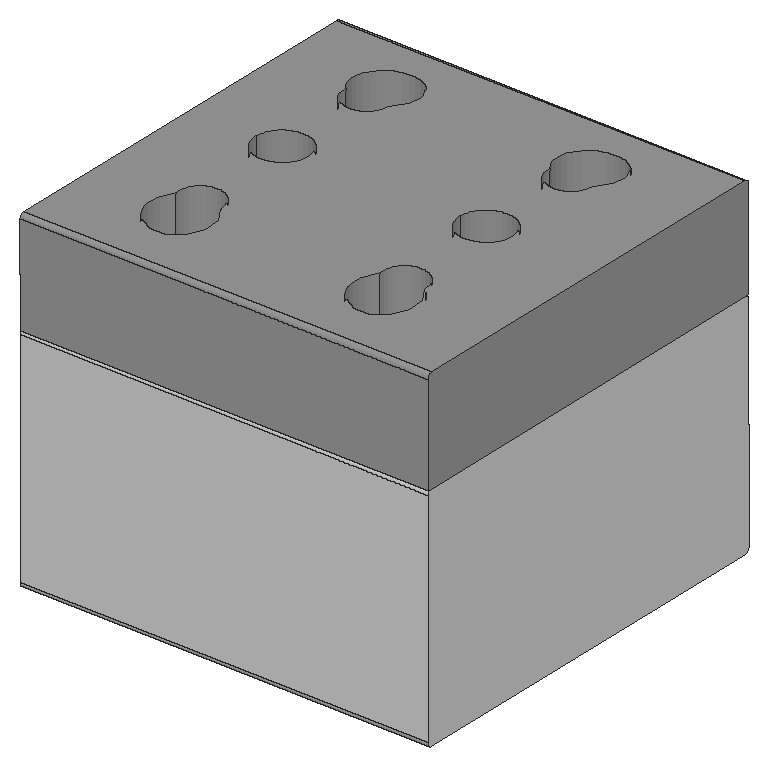
Revit family "Domotics-DomesticRanges-GEWISS-SYSTEM_POWER-SOCKET-OUTLET_ITA_2xP11P17_16A", category Apparecchi elettrici, host Superficie, Revit 2016
Family settings
  Host = Superficie
  Mantenere orientamento annotazione = Sì
  Tipo di parte = Normale
  Quota connettore circolare = Usa diametro
  Numero OmniClass = 23.80.50.14
  Titolo OmniClass = Plug Connectors
  Taglio con vuoti quando caricato = No
  Condiviso = Sì
  Punto di calcolo locali = Sì
Parameters (values of type "GW21291 - 2P+E 16A ital.std double s.-outlet black")
  Voltage: = "250 V ac"
  Voltage = "250 V ac"
  Volt = 230 V
  Vista di pianta [instance] = yes
  Version file RFA = "19.4"
  URL = "https://www.gewiss.com/ww/en"
  Type = "P17-11"
  Tipo_ = SYSTEM-PRESA-ITA-P11-17X2-16A_BASE : GW21291 - Nero - Presa multipla std italiano
  Technical sheet = "https://www.gewiss.com/ww/en/search?q=GW21291"
  Standard: = "English"
  Standard = "English"
  Simbolo_ = SIMBOLO PRESE DOPPIE : PRESA DOPPIA
  SIMBOLO [instance] = yes
  SEO = "Socket outlet"
  Realized by GEWISS S.p.A. = ""
  Produttore = "GEWISS S.p.A."
  Offset pulsante [instance] = 0 mm
  Offset bidimensionale [instance] = 2 mm
  No. SYSTEM modules = "2"
  N. poli = 2
  Modello = "GW21291"
  Larghezza presa = 46 mm
  Input = "1x16 A"
  IFC.TypeObject = ""
  IFC.ExportType = ""
  IFC.ExportAs = ""
  IDT = "d63e0260-b3b3-4258-9e79-1905bcf6cbcd"
  IDF = "791b834f-78d6-424e-986f-d4341bfbd1d3"
  For plug pins = "Ø 4 / 5 mm"
  Electrocod = "0131"
  EAN code = "8011564128439"
  Distanza_x [instance] = 0 mm
  Distanza_effettiva_x [instance] = 1500 mm - Distanza_x  # 1500 mm
  Default Elevation = 1219.2 mm
  Immagine tipo = GW20291.jpg
  Descrizione = "2P+E 16A ITAL.STD DOUBLE S.-OUTLET SY/BK"
  Description: = "2x2P+E 16A Dual amp."
  Description. = "Double socket-outlet"
  Colour = "Black"
  Catalogue Range = "SYSTEM - DOMESTIC RANGE"
  Catalogue = "DOMOTICS"
  Carico apparente = 0 VA
  COBie.Tagnumber = ""
  COBie.CreatedOn = ""
  COBie.CreatebBy = ""
  COBie.ComponentRegisterItemID = ""
  COBie.Component.TagNumber = ""
  COBie.Component.Space = ""
  COBie.Component.SerialNumber = ""
  COBie.Component.InstallationDate = ""
  COBie.Component.Description = ""
  COBie.Component.BarCode = ""
Types (2, lengths in mm): name | Tipo_ | Technical sheet | Modello | IDT | EAN code | Descrizione | Colour
  GW21291 - 2P+E 16A ital.std double s.-outlet black | SYSTEM-PRESA-ITA-P11-17X2-16A_BASE : GW21291 - Nero - Presa multipla std italiano | "https://www.gewiss.com/ww/en/search?q=GW21291" | "GW21291" | "d63e0260-b3b3-4258-9e79-1905bcf6cbcd" | "8011564128439" | "2P+E 16A ITAL.STD DOUBLE S.-OUTLET SY/BK" | "Black"
  GW20291 - 2P+E 16A ital.std double s.-outlet white | SYSTEM-PRESA-ITA-P11-17X2-16A_BASE : GW20291 - Bianco - Presa multipla std italiano | "https://www.gewiss.com/ww/en/search?q=GW20291" | "GW20291" | "6d6e4c30-7e40-4135-a54a-ff429da7134f" | "8011564054721" | "2P+E 16A ITAL.STD DOUBLE S.-OUTLET SY/WT" | "White"
Reference planes
  plane 1 "Centro (Fronte/Retro)": y = 0
  plane 2: z = 0
  plane 3 "Centro (Sinistra/Destra)": x = 0
  plane 4: z = 0
  plane 5 "piano bidimensionale": z = 41
  plane 6: x = -23
  plane 7: x = 23
  plane 8: z = 39
  plane 9: x = -1500
  plane 10: x = 0
Lines and regions (mm)
  Masking region 1, visible <- "Vista di pianta"
    outline origin (0, 0, 0) x (1, 0, 0) y (0, 0, 1)
      loop
        line (-23, 39) -> (-23, 0) -> (23, 0) -> (23, 39) -> (-23, 39)
  Masking region 2, visible <- "Vista di pianta"
    outline origin (0, 0, 0) x (1, 0, 0) y (0, 1, 0)
      loop
        line (-23, 22.5) -> (-23, -22.5) -> (23, -22.5) -> (23, 22.5) -> (-23, 22.5)
      loop
        circle (-11.5, 0) r 2.942
      loop
        circle (11.5, 0) r 2.942
      loop
        spline (9.091, 11.996) -> (9.111, 11.312) -> (9.316, 10.658) -> (9.692, 10.086) -> (10.209, 9.636) -> (10.829, 9.344) -> (11.505, 9.231) -> (12.186, 9.305) -> (12.822, 9.562) -> (13.364, 9.981) -> (13.771, 10.532) -> (14.014, 11.172) -> (14.073, 11.854)
        spline (14.073, 11.854) -> (14.877, 12.977) -> (15.189, 14.323) -> (14.961, 15.685) -> (14.228, 16.855) -> (13.101, 17.656) -> (11.754, 17.964) -> (10.391, 17.733) -> (9.22, 16.998) -> (8.422, 15.871) -> (8.116, 14.524) -> (8.351, 13.163) -> (9.091, 11.996)
      loop
        spline (-13.909, 11.996) -> (-13.889, 11.312) -> (-13.684, 10.658) -> (-13.308, 10.086) -> (-12.791, 9.636) -> (-12.171, 9.344) -> (-11.495, 9.231) -> (-10.814, 9.305) -> (-10.178, 9.562) -> (-9.636, 9.981) -> (-9.229, 10.532) -> (-8.986, 11.172) -> (-8.927, 11.854)
        spline (-8.927, 11.854) -> (-8.123, 12.977) -> (-7.811, 14.323) -> (-8.039, 15.685) -> (-8.772, 16.855) -> (-9.899, 17.656) -> (-11.246, 17.964) -> (-12.609, 17.733) -> (-13.78, 16.998) -> (-14.578, 15.871) -> (-14.884, 14.524) -> (-14.649, 13.163) -> (-13.909, 11.996)
      loop
        spline (9.091, -11.996) -> (8.351, -13.163) -> (8.116, -14.524) -> (8.422, -15.871) -> (9.22, -16.998) -> (10.391, -17.733) -> (11.754, -17.964) -> (13.101, -17.656) -> (14.228, -16.856) -> (14.961, -15.685) -> (15.189, -14.323) -> (14.877, -12.977) -> (14.073, -11.854)
        spline (14.073, -11.854) -> (14.014, -11.172) -> (13.771, -10.532) -> (13.364, -9.981) -> (12.822, -9.562) -> (12.186, -9.305) -> (11.505, -9.231) -> (10.829, -9.344) -> (10.209, -9.636) -> (9.692, -10.086) -> (9.316, -10.658) -> (9.111, -11.312) -> (9.091, -11.996)
      loop
        spline (-13.909, -11.996) -> (-14.649, -13.163) -> (-14.884, -14.524) -> (-14.578, -15.871) -> (-13.78, -16.998) -> (-12.609, -17.733) -> (-11.246, -17.964) -> (-9.899, -17.656) -> (-8.772, -16.856) -> (-8.039, -15.685) -> (-7.811, -14.323) -> (-8.123, -12.977) -> (-8.927, -11.854)
        spline (-8.927, -11.854) -> (-8.986, -11.172) -> (-9.229, -10.532) -> (-9.636, -9.981) -> (-10.178, -9.562) -> (-10.814, -9.305) -> (-11.495, -9.231) -> (-12.171, -9.344) -> (-12.791, -9.636) -> (-13.308, -10.086) -> (-13.684, -10.658) -> (-13.889, -11.312) -> (-13.909, -11.996)
  Masking region 3, visible <- "Vista di pianta"
    outline origin (0, 0, 0) x (0, 1, 0) y (0, 0, 1)
      loop
        line (-22.5, 36.414) -> (-22.5, 0) -> (22.5, 0) -> (22.5, 36.414) -> (-22.5, 36.414)
  model lines, style "pulsanti", detail levels coarse
    curve 1: line (-23, 22.5, 41) -> (23, 22.5, 41)
    curve 2: line (-23, -22.5, 41) -> (-23, 22.5, 41)
    curve 3: line (23, -22.5, 41) -> (-23, -22.5, 41)
    curve 4: line (23, 22.5, 41) -> (23, -22.5, 41)
    curve 9: spline (-8.927, 11.854, 41) -> (-8.986, 11.172, 41) -> (-9.229, 10.532, 41) -> (-9.636, 9.981, 41) -> (-10.178, 9.562, 41) -> (-10.814, 9.305, 41) -> (-11.495, 9.231, 41) -> (-12.171, 9.344, 41) -> (-12.791, 9.636, 41) -> (-13.308, 10.086, 41) -> (-13.684, 10.658, 41) -> (-13.889, 11.312, 41) -> (-13.909, 11.996, 41)
    curve 10: spline (-13.909, 11.996, 41) -> (-14.649, 13.163, 41) -> (-14.884, 14.524, 41) -> (-14.578, 15.871, 41) -> (-13.78, 16.998, 41) -> (-12.609, 17.733, 41) -> (-11.246, 17.964, 41) -> (-9.899, 17.656, 41) -> (-8.772, 16.855, 41) -> (-8.039, 15.685, 41) -> (-7.811, 14.323, 41) -> (-8.123, 12.977, 41) -> (-8.927, 11.854, 41)
    curve 11: arc (-8.558, 0, 41) -> (-11.5, -2.942, 41) -> (-14.442, 0, 41) r 2.942
    curve 12: arc (-14.442, 0, 41) -> (-11.5, 2.942, 41) -> (-8.558, 0, 41) r 2.942
    curve 13: spline (-13.909, -11.996, 41) -> (-13.889, -11.312, 41) -> (-13.684, -10.658, 41) -> (-13.308, -10.086, 41) -> (-12.791, -9.636, 41) -> (-12.171, -9.344, 41) -> (-11.495, -9.231, 41) -> (-10.814, -9.305, 41) -> (-10.178, -9.562, 41) -> (-9.636, -9.981, 41) -> (-9.229, -10.532, 41) -> (-8.986, -11.172, 41) -> (-8.927, -11.854, 41)
    curve 14: spline (-8.927, -11.854, 41) -> (-8.123, -12.977, 41) -> (-7.811, -14.323, 41) -> (-8.039, -15.685, 41) -> (-8.772, -16.856, 41) -> (-9.899, -17.656, 41) -> (-11.246, -17.964, 41) -> (-12.609, -17.733, 41) -> (-13.78, -16.998, 41) -> (-14.578, -15.871, 41) -> (-14.884, -14.524, 41) -> (-14.649, -13.163, 41) -> (-13.909, -11.996, 41)
    curve 15: spline (14.073, -11.854, 41) -> (14.877, -12.977, 41) -> (15.189, -14.323, 41) -> (14.961, -15.685, 41) -> (14.228, -16.856, 41) -> (13.101, -17.656, 41) -> (11.754, -17.964, 41) -> (10.391, -17.733, 41) -> (9.22, -16.998, 41) -> (8.422, -15.871, 41) -> (8.116, -14.524, 41) -> (8.351, -13.163, 41) -> (9.091, -11.996, 41)
    curve 16: spline (9.091, -11.996, 41) -> (9.111, -11.312, 41) -> (9.316, -10.658, 41) -> (9.692, -10.086, 41) -> (10.209, -9.636, 41) -> (10.829, -9.344, 41) -> (11.505, -9.231, 41) -> (12.186, -9.305, 41) -> (12.822, -9.562, 41) -> (13.364, -9.981, 41) -> (13.771, -10.532, 41) -> (14.014, -11.172, 41) -> (14.073, -11.854, 41)
    curve 17: arc (8.558, 0, 41) -> (11.5, -2.942, 41) -> (14.442, 0, 41) r 2.942
    curve 18: arc (14.442, 0, 41) -> (11.5, 2.942, 41) -> (8.558, 0, 41) r 2.942
    curve 19: spline (14.073, 11.854, 41) -> (14.014, 11.172, 41) -> (13.771, 10.532, 41) -> (13.364, 9.981, 41) -> (12.822, 9.562, 41) -> (12.186, 9.305, 41) -> (11.505, 9.231, 41) -> (10.829, 9.344, 41) -> (10.209, 9.636, 41) -> (9.692, 10.086, 41) -> (9.316, 10.658, 41) -> (9.111, 11.312, 41) -> (9.091, 11.996, 41)
    curve 20: spline (9.091, 11.996, 41) -> (8.351, 13.163, 41) -> (8.116, 14.524, 41) -> (8.422, 15.871, 41) -> (9.22, 16.998, 41) -> (10.391, 17.733, 41) -> (11.754, 17.964, 41) -> (13.101, 17.656, 41) -> (14.228, 16.855, 41) -> (14.961, 15.685, 41) -> (15.189, 14.323, 41) -> (14.877, 12.977, 41) -> (14.073, 11.854, 41)
  model lines, style "pulsanti", not visible, detail levels coarse
    curve 5: line (-23, 22.5, 41) -> (23, 22.5, 41)
    curve 6: line (-23, -22.5, 41) -> (-23, 22.5, 41)
    curve 7: line (23, -22.5, 41) -> (-23, -22.5, 41)
    curve 8: line (23, 22.5, 41) -> (23, -22.5, 41)
    curve 21: spline (-8.927, 11.854, 41) -> (-8.986, 11.172, 41) -> (-9.229, 10.532, 41) -> (-9.636, 9.981, 41) -> (-10.178, 9.562, 41) -> (-10.814, 9.305, 41) -> (-11.495, 9.231, 41) -> (-12.171, 9.344, 41) -> (-12.791, 9.636, 41) -> (-13.308, 10.086, 41) -> (-13.684, 10.658, 41) -> (-13.889, 11.312, 41) -> (-13.909, 11.996, 41)
    curve 22: spline (-13.909, 11.996, 41) -> (-14.649, 13.163, 41) -> (-14.884, 14.524, 41) -> (-14.578, 15.871, 41) -> (-13.78, 16.998, 41) -> (-12.609, 17.733, 41) -> (-11.246, 17.964, 41) -> (-9.899, 17.656, 41) -> (-8.772, 16.855, 41) -> (-8.039, 15.685, 41) -> (-7.811, 14.323, 41) -> (-8.123, 12.977, 41) -> (-8.927, 11.854, 41)
    curve 23: arc (-8.558, 0, 41) -> (-11.5, -2.942, 41) -> (-14.442, 0, 41) r 2.942
    curve 24: arc (-14.442, 0, 41) -> (-11.5, 2.942, 41) -> (-8.558, 0, 41) r 2.942
    curve 25: spline (-13.909, -11.996, 41) -> (-13.889, -11.312, 41) -> (-13.684, -10.658, 41) -> (-13.308, -10.086, 41) -> (-12.791, -9.636, 41) -> (-12.171, -9.344, 41) -> (-11.495, -9.231, 41) -> (-10.814, -9.305, 41) -> (-10.178, -9.562, 41) -> (-9.636, -9.981, 41) -> (-9.229, -10.532, 41) -> (-8.986, -11.172, 41) -> (-8.927, -11.854, 41)
    curve 26: spline (-8.927, -11.854, 41) -> (-8.123, -12.977, 41) -> (-7.811, -14.323, 41) -> (-8.039, -15.685, 41) -> (-8.772, -16.856, 41) -> (-9.899, -17.656, 41) -> (-11.246, -17.964, 41) -> (-12.609, -17.733, 41) -> (-13.78, -16.998, 41) -> (-14.578, -15.871, 41) -> (-14.884, -14.524, 41) -> (-14.649, -13.163, 41) -> (-13.909, -11.996, 41)
    curve 27: spline (14.073, -11.854, 41) -> (14.877, -12.977, 41) -> (15.189, -14.323, 41) -> (14.961, -15.685, 41) -> (14.228, -16.856, 41) -> (13.101, -17.656, 41) -> (11.754, -17.964, 41) -> (10.391, -17.733, 41) -> (9.22, -16.998, 41) -> (8.422, -15.871, 41) -> (8.116, -14.524, 41) -> (8.351, -13.163, 41) -> (9.091, -11.996, 41)
    curve 28: spline (9.091, -11.996, 41) -> (9.111, -11.312, 41) -> (9.316, -10.658, 41) -> (9.692, -10.086, 41) -> (10.209, -9.636, 41) -> (10.829, -9.344, 41) -> (11.505, -9.231, 41) -> (12.186, -9.305, 41) -> (12.822, -9.562, 41) -> (13.364, -9.981, 41) -> (13.771, -10.532, 41) -> (14.014, -11.172, 41) -> (14.073, -11.854, 41)
    curve 29: arc (8.558, 0, 41) -> (11.5, -2.942, 41) -> (14.442, 0, 41) r 2.942
    curve 30: arc (14.442, 0, 41) -> (11.5, 2.942, 41) -> (8.558, 0, 41) r 2.942
    curve 31: spline (14.073, 11.854, 41) -> (14.014, 11.172, 41) -> (13.771, 10.532, 41) -> (13.364, 9.981, 41) -> (12.822, 9.562, 41) -> (12.186, 9.305, 41) -> (11.505, 9.231, 41) -> (10.829, 9.344, 41) -> (10.209, 9.636, 41) -> (9.692, 10.086, 41) -> (9.316, 10.658, 41) -> (9.111, 11.312, 41) -> (9.091, 11.996, 41)
    curve 32: spline (9.091, 11.996, 41) -> (8.351, 13.163, 41) -> (8.116, 14.524, 41) -> (8.422, 15.871, 41) -> (9.22, 16.998, 41) -> (10.391, 17.733, 41) -> (11.754, 17.964, 41) -> (13.101, 17.656, 41) -> (14.228, 16.855, 41) -> (14.961, 15.685, 41) -> (15.189, 14.323, 41) -> (14.877, 12.977, 41) -> (14.073, 11.854, 41)
Dimensions and locks
  "Offset pulsante": plane 4 to host face
  equal spacing: plane 6, plane 3 "Centro (Sinistra/Destra)", plane 7
  "Larghezza presa": plane 6 to plane 7
  locked: plane 8 to plane 4 at 39
  plane 9 to plane 3 "Centro (Sinistra/Destra)" = 1500 mm
  "Distanza_effettiva_x": plane 9 to plane 10
  "Offset bidimensionale": plane 5 "piano bidimensionale" to plane 8
  aligned and locked: plane 2 to host face
  aligned and locked: level to host face
  aligned and locked: plane 1 "Centro (Fronte/Retro)" to nested 1
  aligned and locked: nested 1 to plane 4
  aligned and locked: plane 6 to nested 1
  aligned and locked: plane 7 to nested 1
  aligned and locked: plane 6 to Masking region 1 sketch curve
  aligned and locked: plane 4 to Masking region 1 sketch curve
  aligned and locked: Masking region 1 sketch curve to nested 1
  aligned and locked: Masking region 1 sketch curve to plane 8
  aligned and locked: plane 10 to nested 2
  aligned and locked: Masking region 2 sketch curve to curve 1
  aligned and locked: Masking region 2 sketch curve to curve 2
  aligned and locked: Masking region 2 sketch curve to curve 3
  aligned and locked: Masking region 2 sketch curve to curve 4
  aligned and locked: Masking region 3 sketch curve to nested 1  (x3)
  aligned and locked: plane 4 to Masking region 3 sketch curve
Automatic sketch dimensions
  host sketch curve to host sketch curve = 2438.4 mm  (x2)
  curve 1 to curve 3 = 45 mm
  curve 2 to curve 3 = 46 mm
  curve 1 to curve 11 = 22.5 mm
  curve 11 to curve 18 = 0 mm
  curve 1 to curve 12 = 11.5 mm
  curve 11 to curve 18 = 23 mm
  curve 20 to curve 18 = 14.433 mm
  curve 1 to curve 10 = 8.067 mm
  curve 20 to curve 20 = 0.001 mm
  curve 10 to curve 10 = 0.001 mm
  curve 20 to curve 20 = 2.437 mm
  curve 10 to curve 9 = 2.437 mm
  curve 19 to curve 19 = 0.127 mm
  curve 9 to curve 9 = 0.127 mm
  curve 9 to curve 9 = 0.269 mm
  curve 19 to curve 19 = 0.269 mm
  curve 11 to curve 13 = 11.727 mm
  curve 17 to curve 16 = 11.727 mm
  curve 16 to curve 16 = 0 mm
  curve 13 to curve 13 = 0 mm
  curve 13 to curve 14 = 0.128 mm
  curve 16 to curve 16 = 0.128 mm
  curve 13 to curve 14 = 0.269 mm
  curve 16 to curve 16 = 0.269 mm
  curve 13 to curve 14 = 2.579 mm
  curve 15 to curve 15 = 2.579 mm
  curve 1 to curve 10 = 8.115 mm
  curve 12 to curve 11 = 2.942 mm
  curve 11 to curve 13 = 0.518 mm
  curve 13 to curve 14 = 0.015 mm
  curve 10 to curve 9 = 0.975 mm
  curve 9 to curve 9 = 2.485 mm
  curve 13 to curve 14 = 0.077 mm
  curve 20 to curve 17 = 3.385 mm
  curve 18 to curve 17 = 2.942 mm
  curve 17 to curve 16 = 0.518 mm
  curve 16 to curve 16 = 0.015 mm
  curve 20 to curve 19 = 0.975 mm
  curve 19 to curve 19 = 2.485 mm
  curve 16 to curve 15 = 0.077 mm
  curve 11 to curve 12 = 0 mm  (x2)
  curve 17 to curve 18 = 0 mm  (x2)
  curve 5 to curve 7 = 45 mm
  curve 6 to curve 7 = 46 mm
  curve 5 to curve 23 = 22.5 mm
  curve 23 to curve 30 = 0 mm
  curve 5 to curve 24 = 11.5 mm
  curve 23 to curve 30 = 23 mm
  curve 32 to curve 30 = 14.433 mm
  curve 5 to curve 22 = 8.067 mm
  curve 32 to curve 32 = 0.001 mm
  curve 22 to curve 22 = 0.001 mm
  curve 32 to curve 32 = 2.437 mm
  curve 22 to curve 21 = 2.437 mm
  curve 31 to curve 31 = 0.127 mm
  curve 21 to curve 21 = 0.127 mm
  curve 21 to curve 21 = 0.269 mm
  curve 31 to curve 31 = 0.269 mm
  curve 23 to curve 25 = 11.727 mm
  curve 29 to curve 28 = 11.727 mm
  curve 28 to curve 28 = 0 mm
  curve 25 to curve 25 = 0 mm
  curve 25 to curve 26 = 0.128 mm
  curve 28 to curve 28 = 0.128 mm
  curve 25 to curve 26 = 0.269 mm
  curve 28 to curve 28 = 0.269 mm
  curve 25 to curve 26 = 2.579 mm
  curve 27 to curve 27 = 2.579 mm
  curve 5 to curve 22 = 8.115 mm
  curve 24 to curve 23 = 2.942 mm
  curve 23 to curve 25 = 0.518 mm
  curve 25 to curve 26 = 0.015 mm
  curve 22 to curve 21 = 0.975 mm
  curve 21 to curve 21 = 2.485 mm
  curve 25 to curve 26 = 0.077 mm
  curve 32 to curve 29 = 3.385 mm
  curve 30 to curve 29 = 2.942 mm
  curve 29 to curve 28 = 0.518 mm
  curve 28 to curve 28 = 0.015 mm
  curve 32 to curve 31 = 0.975 mm
  curve 31 to curve 31 = 2.485 mm
  curve 28 to curve 27 = 0.077 mm
  curve 23 to curve 24 = 0 mm  (x2)
  curve 29 to curve 30 = 0 mm  (x2)
  plane 1 "Centro (Fronte/Retro)" to Masking region 2 sketch curve = 0 mm  (x2)
  Masking region 2 sketch curve to plane 3 "Centro (Sinistra/Destra)" = 11.5 mm
  plane 3 "Centro (Sinistra/Destra)" to Masking region 2 sketch curve = 11.5 mm
  plane 6 to Masking region 2 sketch curve = 8.115 mm
  Masking region 2 sketch curve to Masking region 2 sketch curve = 0.975 mm  (x2)
  Masking region 2 sketch curve to Masking region 2 sketch curve = 2.485 mm  (x4)
  Masking region 2 sketch curve to Masking region 2 sketch curve = 0.077 mm  (x3)
  Masking region 2 sketch curve to Masking region 2 sketch curve = 2.497 mm  (x3)
  Masking region 2 sketch curve to Masking region 2 sketch curve = 0.003 mm  (x2)
  plane 3 "Centro (Sinistra/Destra)" to Masking region 2 sketch curve = 8.115 mm
  Masking region 2 sketch curve to Masking region 2 sketch curve = 2.562 mm
  Masking region 2 sketch curve to Masking region 2 sketch curve = 2.42 mm
  Masking region 2 sketch curve to plane 1 "Centro (Fronte/Retro)" = 11.727 mm
  Masking region 2 sketch curve to Masking region 2 sketch curve = 0.127 mm
  Masking region 2 sketch curve to plane 1 "Centro (Fronte/Retro)" = 11.854 mm
  Masking region 2 sketch curve to Masking region 2 sketch curve = 0.142 mm  (x2)
  plane 6 to Masking region 2 sketch curve = 9.076 mm
  Masking region 2 sketch curve to Masking region 2 sketch curve = 0.015 mm  (x2)
  Masking region 2 sketch curve to Masking region 2 sketch curve = 1.118 mm  (x2)
  plane 3 "Centro (Sinistra/Destra)" to Masking region 2 sketch curve = 9.076 mm
  plane 1 "Centro (Fronte/Retro)" to Masking region 2 sketch curve = 14.433 mm
  plane 1 "Centro (Fronte/Retro)" to Masking region 2 sketch curve = 11.996 mm
  Masking region 2 sketch curve to Masking region 2 sketch curve = 2.436 mm
  radius of Masking region 2 sketch curve = 2.942 mm  (x2)
Nested families
  nested 1: "SYSTEM-PRESA-ITA-P11-17X2-16A_BASE" at (0, 0, 0), type <- "Tipo_", type "GW21291 - Nero - Presa multipla std italiano"
  nested 2: "SIMBOLO PRESE DOPPIE" at (0, 100, 0), type <- "Simbolo_", SIMBOLO <- "SIMBOLO", visible <- "SIMBOLO", type "PRESA DOPPIA"
    with TESTO ELETTRICO "10/16", Distanza dal muro 4.208 mm, BORDO ACCESO yes
Connectors
  electrical at (0, 0, 0), driven by "N. poli", driven by "Volt", driven by "Carico apparente"
    settings: on nested 1, index 1, voltage 230 V, apparent load 0 VA, apparent load phase1 0 VA, apparent load phase2 0 VA, apparent load phase3 0 VA, power factor 1, load classification "Other", number of poles 2, system type 31, power factor state 1, is connector primary yes, connector utility no, sub classification motor no, connector description ""
Definition of nested family "SYSTEM-PRESA-ITA-P11-17X2-16A_BASE"
  Parameters (values of type "GW21291 - Nero - Presa multipla std italiano")
    Supporto = none
    Struttura = none
    Presa = none
    Profondità suporto = 15.673 mm
    Larghezza pulsante = 46 mm
    Bidimensionale = 36.414 mm
    Altezza pulsante = 45 mm
  Types (2): name
    GW21291 - Nero - Presa multipla std italiano
    GW20291 - Bianco - Presa multipla std italiano
  Reference planes
    plane 1 "Centro (Fronte/Retro)": y = 0
    plane 2: z = 0
    plane 3 "Centro (Sinistra/Destra)": x = 0
    plane 4: y = -22.5
    plane 5: y = 22.5
    plane 6: x = -23
    plane 7: x = 23
    plane 8: z = 15.673
    plane 9 "PIANO BIDIMENSIONALE": z = 36.414
    plane 10: x = -21
    plane 11: x = 21
  Forms (mm)
    Extrusion 1, solid, material <- "Presa", not visible, detail levels medium+fine
      sketch origin (11.5, 0, 0) x (0, 1, 0) y (0, 0, 1)
        loop
          line (-22.5, 15.673) -> (-5.8, 15.673) -> (0, 20.313) -> (6.657, 17.02) -> (22.519, 20.482) -> (22.148, 22.183)
          arc (22.148, 22.183) -> (19.948, 25.458) -> (16.125, 26.433) r 5.53
          arc (16.125, 26.433) -> (-1.159, 25.53) -> (-18.194, 22.47) r 137.99
          arc (-18.194, 22.47) -> (-21.286, 20.607) -> (-22.5, 17.207) r 5.368
          line (-22.5, 17.207) -> (-22.5, 15.673)
      from -23 to 23
    Extrusion 2, void, not visible, detail levels medium+fine
      sketch origin (11.5, 0, 0) x (0, 1, 0) y (0, 0, 1)
        loop
          arc (-20, 19.947) -> (-16.844, 20.738) -> (-13.67, 21.455) r 135.99
          line (-13.67, 21.455) -> (-13.67, 23.499)
          arc (-13.67, 23.499) -> (-15.936, 23.003) -> (-18.194, 22.47) r 137.99
          arc (-18.194, 22.47) -> (-19.13, 22.19) -> (-20, 21.745) r 5.368
          line (-20, 21.745) -> (-20, 19.947)
      from 15.279 to 21.613
    Extrusion 3, solid, material <- "Presa", not visible, detail levels medium+fine
      sketch origin (0, -125, 0) x (0, 1, 0) y (0, 0, 1)
        loop
          line (-22.5, 15.673) -> (-5.8, 15.673) -> (0, 20.313) -> (6.657, 17.02) -> (22.519, 20.482) -> (22.148, 22.183)
          arc (22.148, 22.183) -> (19.948, 25.458) -> (16.125, 26.433) r 5.53
          arc (16.125, 26.433) -> (-1.159, 25.53) -> (-18.194, 22.47) r 137.99
          arc (-18.194, 22.47) -> (-21.286, 20.607) -> (-22.5, 17.207) r 5.368
          line (-22.5, 17.207) -> (-22.5, 15.673)
      from -23 to 23
    Extrusion 4, void, not visible
      sketch origin (0, -125, 0) x (0, 1, 0) y (0, 0, 1)
        loop
          arc (-6.8, 24.76) -> (-12.521, 23.735) -> (-18.194, 22.47) r 137.99
          arc (-18.194, 22.47) -> (-19.13, 22.19) -> (-20, 21.745) r 5.368
          line (-20, 21.745) -> (-20, 19.947)
          arc (-20, 19.947) -> (-13.435, 21.505) -> (-6.8, 22.735) r 135.99
          line (-6.8, 22.735) -> (-6.8, 24.76)
      from 16.9 to 19.6
    Extrusion 5, solid, not visible, detail levels medium+fine
      sketch origin (11.5, -125, 0) x (0, 1, 0) y (0, 0, 1)
        loop
          arc (-20, 19.947) -> (-13.435, 21.505) -> (-6.8, 22.735) r 135.99
          line (-6.8, 22.735) -> (-6.8, 23.748)
          arc (-6.8, 23.748) -> (-13.434, 22.527) -> (-20, 20.98) r 136.99
          line (-20, 20.98) -> (-20, 19.947)
      from 5.4 to 8.1
    Extrusion 6, solid, material <- "Struttura", detail levels medium+fine
      sketch origin (0, 0, 0) x (0, 1, 0) y (0, 0, 1)
        loop
          line (22.5, 0.5) -> (22.5, 25.5)
          arc (22.5, 25.5) -> (22.354, 25.854) -> (22, 26) r 0.5
          line (22, 26) -> (-22, 26)
          arc (-22, 26) -> (-22.354, 25.854) -> (-22.5, 25.5) r 0.5
          line (-22.5, 25.5) -> (-22.5, 0.5)
          arc (-22.5, 0.5) -> (-22.354, 0.146) -> (-22, 0) r 0.5
          line (-22, 0) -> (22, 0)
          arc (22, 0) -> (22.354, 0.146) -> (22.5, 0.5) r 0.5
      from -23 to 23
    Extrusion 7, solid, material <- "Presa", detail levels medium+fine
      sketch origin (0, 0, -0.008) x (0, 1, 0) y (0, 0, 1)
        loop
          line (-22.5, 37.221) -> (-22.5, 26.008) -> (22.5, 26.008) -> (22.5, 37.221)
          arc (22.5, 37.221) -> (22.354, 37.575) -> (22, 37.721) r 0.5
          arc (22, 37.721) -> (0, 38.721) -> (-22, 37.721) r 242.438
          arc (-22, 37.721) -> (-22.354, 37.575) -> (-22.5, 37.221) r 0.5
      from -23 to 23
    Extrusion 8, solid, material <- "Presa", not visible, detail levels medium+fine
      sketch origin (0, 3.352, 0.18) x (0, 0.99373, 0.11181) y (0, -0.11181, 0.99373)
        loop
          line (-22.5, 37.221) -> (-22.5, 28.721) -> (-3, 28.721) -> (-1.5, 27.721) -> (1.5, 27.721) -> (3, 28.721) -> (22.5, 28.721) -> (22.5, 37.221)
          arc (22.5, 37.221) -> (22.354, 37.575) -> (22, 37.721) r 0.5
          arc (22, 37.721) -> (0, 38.721) -> (-22, 37.721) r 242.438
          arc (-22, 37.721) -> (-22.354, 37.575) -> (-22.5, 37.221) r 0.5
      from -11.5 to 11.5
    Revolve 9, void, not visible
      sketch origin (0, 7.087, 0.872) x (0, 0.99373, 0.11181) y (0, -0.11181, 0.99373)
        loop
          line (-18.87, 36.988) -> (-18.92, 38.078) -> (-22.509, 37.915) -> (-21.741, 36.858) -> (-18.87, 36.988)
        axis (-18.92, 38.078) -> (-18.87, 36.988)
      angle from 0 to 360
    Revolve 10, void, not visible
      sketch origin (0, -0.724, -0.007) x (0, -0.99373, -0.11181) y (0, -0.11181, 0.99373)
        loop
          line (-18.886, 37.331) -> (-18.926, 38.2) -> (-22.595, 38.033) -> (-21.983, 37.19) -> (-18.886, 37.331)
        axis (-18.926, 38.2) -> (-18.88, 37.201)
      angle from 0 to 360
    Revolve 11, solid, not visible, detail levels medium+fine
      sketch origin (0, 3.21, 0.18) x (0, 0.99373, 0.11181) y (0, -0.11181, 0.99373)
        loop
          line (-14.94, 37.243) -> (-14.976, 38.037) -> (-18.371, 37.883) -> (-17.811, 37.112) -> (-14.94, 37.243)
        axis (-14.976, 38.037) -> (-14.931, 37.038)
      angle from 0 to 360
    Extrusion 12, void
      sketch origin (0, 0, 36.414) x (-1, 0, 0) y (0, -1, 0)
        loop
          arc (8.927, -11.852) -> (11.246, -17.963) -> (13.91, -11.994) r 3.536
          arc (13.91, -11.994) -> (11.495, -9.23) -> (8.927, -11.852) r 2.5
        loop
          circle (11.5, 0) r 2.942
        loop
          arc (8.927, 11.852) -> (11.495, 9.23) -> (13.91, 11.994) r 2.5
          arc (13.91, 11.994) -> (11.246, 17.963) -> (8.927, 11.852) r 3.536
        loop
          arc (-14.073, 11.852) -> (-11.505, 9.23) -> (-9.09, 11.994) r 2.5
          arc (-9.09, 11.994) -> (-11.754, 17.963) -> (-14.073, 11.852) r 3.536
        loop
          circle (-11.5, 0) r 2.942
        loop
          arc (-9.09, -11.994) -> (-11.505, -9.23) -> (-14.073, -11.852) r 2.5
          arc (-14.073, -11.852) -> (-11.754, -17.963) -> (-9.09, -11.994) r 3.536
      from -6.311 to 3.43
  Cuts and joins
    Extrusion 12 cuts Extrusion 7
  Lines and regions (mm)
    Masking region 1, not visible
      outline origin (40.306, 0, 36.414) x (-1, 0, 0) y (0, -1, 0)
        loop
          line (63.306, -22.5) -> (63.306, 22.5) -> (17.306, 22.5) -> (17.306, -22.5) -> (63.306, -22.5)
        loop
          line (23.406, 6.8) -> (23.406, 20) -> (20.706, 20) -> (20.706, 6.8) -> (23.406, 6.8)
    Masking region 2, not visible
      outline origin (40.306, 0, 36.414) x (-1, 0, 0) y (0, -1, 0)
        loop
          line (23.406, 6.8) -> (23.406, 20) -> (20.706, 20) -> (20.706, 6.8) -> (23.406, 6.8)
    Masking region 3, not visible
      outline origin (0, 0, 36.414) x (-1, 0, 0) y (0, -1, 0)
        loop
          line (63.306, -22.5) -> (63.306, 22.5) -> (17.306, 22.5) -> (17.306, -22.5) -> (63.306, -22.5)
        loop
          line (25.028, 13.67) -> (25.028, 20) -> (18.693, 20) -> (18.693, 13.67) -> (25.028, 13.67)
    Masking region 4, not visible
      outline origin (11.5, 0, 36.414) x (-1, 0, 0) y (0, -1, 0)
        loop
          line (36.528, 13.67) -> (36.528, 20.004) -> (30.193, 20.004) -> (30.193, 13.67) -> (36.528, 13.67)
    Masking region 5
      outline origin (0, 0, 36.414) x (-1, 0, 0) y (0, -1, 0)
        loop
          line (23, -22.5) -> (23, 22.5) -> (-23, 22.5) -> (-23, -22.5) -> (23, -22.5)
        loop
          arc (8.927, -11.851) -> (11.246, -17.963) -> (13.91, -11.993) r 3.536
          spline (13.91, -11.993) -> (13.889, -11.31) -> (13.683, -10.657) -> (13.307, -10.085) -> (12.791, -9.636) -> (12.171, -9.344) -> (11.495, -9.231) -> (10.814, -9.305) -> (10.179, -9.561) -> (9.637, -9.98) -> (9.23, -10.53) -> (8.987, -11.17) -> (8.927, -11.851)
        loop
          circle (11.5, 0) r 2.942
        loop
          spline (13.909, 11.996) -> (14.649, 13.163) -> (14.884, 14.524) -> (14.578, 15.871) -> (13.78, 16.998) -> (12.609, 17.733) -> (11.246, 17.964) -> (9.899, 17.656) -> (8.772, 16.856) -> (8.039, 15.685) -> (7.811, 14.323) -> (8.123, 12.977) -> (8.927, 11.854)
          spline (8.927, 11.854) -> (8.986, 11.172) -> (9.229, 10.532) -> (9.636, 9.981) -> (10.178, 9.562) -> (10.814, 9.305) -> (11.495, 9.231) -> (12.171, 9.344) -> (12.791, 9.636) -> (13.308, 10.086) -> (13.684, 10.658) -> (13.889, 11.312) -> (13.909, 11.996)
        loop
          spline (-14.073, -11.854) -> (-14.877, -12.977) -> (-15.189, -14.323) -> (-14.961, -15.685) -> (-14.228, -16.855) -> (-13.101, -17.656) -> (-11.754, -17.964) -> (-10.391, -17.733) -> (-9.22, -16.998) -> (-8.422, -15.871) -> (-8.116, -14.524) -> (-8.351, -13.163) -> (-9.091, -11.996)
          spline (-9.091, -11.996) -> (-9.111, -11.312) -> (-9.316, -10.658) -> (-9.692, -10.086) -> (-10.209, -9.636) -> (-10.829, -9.344) -> (-11.505, -9.231) -> (-12.186, -9.305) -> (-12.822, -9.562) -> (-13.364, -9.981) -> (-13.771, -10.532) -> (-14.014, -11.172) -> (-14.073, -11.854)
        loop
          circle (-11.5, 0) r 2.942
        loop
          spline (-9.091, 11.996) -> (-8.351, 13.163) -> (-8.116, 14.524) -> (-8.422, 15.871) -> (-9.22, 16.998) -> (-10.391, 17.733) -> (-11.754, 17.964) -> (-13.101, 17.656) -> (-14.228, 16.856) -> (-14.961, 15.685) -> (-15.189, 14.323) -> (-14.877, 12.977) -> (-14.073, 11.854)
          spline (-14.073, 11.854) -> (-14.014, 11.172) -> (-13.771, 10.532) -> (-13.364, 9.981) -> (-12.822, 9.562) -> (-12.186, 9.305) -> (-11.505, 9.231) -> (-10.829, 9.344) -> (-10.209, 9.636) -> (-9.692, 10.086) -> (-9.316, 10.658) -> (-9.111, 11.312) -> (-9.091, 11.996)
  Dimensions and locks
    equal spacing: plane 4, plane 1 "Centro (Fronte/Retro)", plane 5
    plane 4 to plane 5 = 45 mm
    equal spacing: plane 6, plane 3 "Centro (Sinistra/Destra)", plane 7
    "Larghezza pulsante": plane 6 to plane 7
    equal spacing: plane 5, plane 1 "Centro (Fronte/Retro)", plane 4
    "Altezza pulsante": plane 5 to plane 4
    "Profondità suporto": plane 8 to plane 2
    "Bidimensionale": plane 9 "PIANO BIDIMENSIONALE" to level
    plane 6 to plane 10 = 2 mm
    equal spacing: plane 10, plane 3 "Centro (Sinistra/Destra)", plane 11
    plane 11 to plane 7 = 2 mm
    aligned and locked: level to plane 2
    aligned and locked: Masking region 3 to Masking region 4
    aligned and locked: Masking region 2 to Masking region 1  (x2)
    aligned and locked: Extrusion 7 to Extrusion 6
    aligned and locked: Extrusion 6 to Extrusion 7
    aligned and locked: Extrusion 7 to plane 6
    aligned and locked: plane 7 to Extrusion 7
    aligned and locked: Extrusion 7 to plane 4
    aligned and locked: plane 5 to Extrusion 7
  Automatic sketch dimensions
    Masking region 1 sketch curve to Masking region 1 sketch curve = 3.4 mm
    Masking region 1 sketch curve to Masking region 1 sketch curve = 2.7 mm
    Masking region 2 sketch curve to Masking region 2 sketch curve = 2.7 mm
    Masking region 1 sketch curve to Masking region 1 sketch curve = 46 mm
    Masking region 1 sketch curve to Masking region 1 sketch curve = 29.3 mm
    Masking region 1 sketch curve to Masking region 1 sketch curve = 13.2 mm
    Masking region 1 sketch curve to Masking region 1 sketch curve = 2.5 mm
    Masking region 2 sketch curve to Masking region 2 sketch curve = 13.2 mm
    Masking region 3 sketch curve to Masking region 3 sketch curve = 1.387 mm
    Masking region 3 sketch curve to Masking region 3 sketch curve = 6.335 mm
    Masking region 3 sketch curve to Masking region 3 sketch curve = 46 mm
    Masking region 4 sketch curve to Masking region 4 sketch curve = 6.335 mm  (x2)
    Masking region 3 sketch curve to Masking region 3 sketch curve = 36.17 mm
    Masking region 3 sketch curve to Masking region 3 sketch curve = 6.33 mm
    Masking region 3 sketch curve to Masking region 3 sketch curve = 2.5 mm
    Extrusion 1 sketch curve to Extrusion 1 sketch curve = 1.243 mm
    Extrusion 2 sketch curve to Extrusion 2 sketch curve = 1.754 mm
    Extrusion 2 sketch curve to Extrusion 2 sketch curve = 0 mm  (x4)
    Extrusion 1 sketch curve to Extrusion 1 sketch curve = 5.368 mm
    Extrusion 1 sketch curve to Extrusion 1 sketch curve = 11.331 mm
    Extrusion 1 sketch curve to Extrusion 1 sketch curve = 5.8 mm
    Extrusion 1 sketch curve to Extrusion 1 sketch curve = 6.657 mm
    Extrusion 1 sketch curve to Extrusion 1 sketch curve = 8.016 mm
    Extrusion 1 sketch curve to Extrusion 1 sketch curve = 10.103 mm
    Extrusion 1 sketch curve to Extrusion 1 sketch curve = 5.388 mm
    Extrusion 1 sketch curve to Extrusion 1 sketch curve = 0.371 mm
    Extrusion 1 sketch curve to Extrusion 1 sketch curve = 127.222 mm
    Extrusion 1 sketch curve to Extrusion 1 sketch curve = 1.347 mm
    Extrusion 1 sketch curve to Extrusion 1 sketch curve = 1.535 mm
    Extrusion 1 sketch curve to Extrusion 1 sketch curve = 3.293 mm
    Extrusion 1 sketch curve to Extrusion 1 sketch curve = 3.462 mm
    Extrusion 1 sketch curve to Extrusion 1 sketch curve = 1.062 mm
    Extrusion 2 sketch curve to Extrusion 2 sketch curve = 2.868 mm
    Extrusion 2 sketch curve to Extrusion 2 sketch curve = 6.33 mm
    Extrusion 2 sketch curve to Extrusion 2 sketch curve = 31.805 mm
    Extrusion 2 sketch curve to Extrusion 2 sketch curve = 128.756 mm
    Extrusion 2 sketch curve to Extrusion 2 sketch curve = 2.739 mm
    Extrusion 2 sketch curve to Extrusion 2 sketch curve = 1.799 mm
    Extrusion 3 sketch curve to Extrusion 3 sketch curve = 1.243 mm
    Extrusion 5 sketch curve to Extrusion 5 sketch curve = 1.013 mm
    Extrusion 5 sketch curve to Extrusion 5 sketch curve = 0 mm  (x4)
    Extrusion 3 sketch curve to Extrusion 3 sketch curve = 5.368 mm
    Extrusion 3 sketch curve to Extrusion 3 sketch curve = 11.331 mm
    Extrusion 3 sketch curve to Extrusion 3 sketch curve = 5.8 mm
    Extrusion 3 sketch curve to Extrusion 3 sketch curve = 6.657 mm
    Extrusion 3 sketch curve to Extrusion 3 sketch curve = 8.016 mm
    Extrusion 3 sketch curve to Extrusion 3 sketch curve = 10.103 mm
    Extrusion 3 sketch curve to Extrusion 3 sketch curve = 5.388 mm
    Extrusion 3 sketch curve to Extrusion 3 sketch curve = 0.371 mm
    Extrusion 3 sketch curve to Extrusion 3 sketch curve = 127.222 mm
    Extrusion 3 sketch curve to Extrusion 3 sketch curve = 1.347 mm
    Extrusion 3 sketch curve to Extrusion 3 sketch curve = 1.535 mm
    Extrusion 3 sketch curve to Extrusion 3 sketch curve = 3.293 mm
    Extrusion 3 sketch curve to Extrusion 3 sketch curve = 3.462 mm
    Extrusion 3 sketch curve to Extrusion 3 sketch curve = 1.062 mm
    Extrusion 5 sketch curve to Extrusion 5 sketch curve = 13.2 mm
    Extrusion 5 sketch curve to Extrusion 5 sketch curve = 34.673 mm
    Extrusion 5 sketch curve to Extrusion 5 sketch curve = 131.496 mm
    Extrusion 4 sketch curve to Extrusion 4 sketch curve = 0 mm  (x4)
    Extrusion 4 sketch curve to Extrusion 4 sketch curve = 2.739 mm
    Extrusion 4 sketch curve to Extrusion 4 sketch curve = 1.799 mm
    Extrusion 4 sketch curve to Extrusion 4 sketch curve = 2.025 mm
    Extrusion 4 sketch curve to Extrusion 4 sketch curve = 2.868 mm
    Extrusion 4 sketch curve to Extrusion 4 sketch curve = 10.332 mm
    Extrusion 4 sketch curve to Extrusion 4 sketch curve = 31.805 mm
    Extrusion 4 sketch curve to Extrusion 4 sketch curve = 128.756 mm
    Extrusion 8 sketch curve to Extrusion 8 sketch curve = 1.5 mm  (x3)
    Revolve 10 sketch curve to Revolve 10 sketch curve = 0.612 mm
    Revolve 10 sketch curve to Revolve 10 sketch curve = 3.057 mm
    Revolve 10 sketch curve to Revolve 10 sketch curve = 0.015 mm
    Revolve 10 sketch curve to Revolve 10 sketch curve = 0.021 mm
    Revolve 11 sketch curve to Revolve 11 sketch curve = 0.56 mm
    Revolve 11 sketch curve to Revolve 11 sketch curve = 2.835 mm
    Revolve 11 sketch curve to Revolve 11 sketch curve = 0.038 mm
    Revolve 11 sketch curve to Revolve 11 sketch curve = 0.006 mm
    Extrusion 8 sketch curve to Extrusion 8 sketch curve = 0.5 mm  (x2)
    Extrusion 8 sketch curve to Extrusion 8 sketch curve = 19.5 mm
    Extrusion 8 sketch curve to Extrusion 8 sketch curve = 3 mm
    Extrusion 8 sketch curve to Extrusion 8 sketch curve = 19 mm
    Extrusion 8 sketch curve to Extrusion 8 sketch curve = 231.438 mm
    Extrusion 8 sketch curve to Extrusion 8 sketch curve = 1 mm  (x2)
    Extrusion 8 sketch curve to Extrusion 8 sketch curve = 8.5 mm
    Revolve 10 sketch curve to Revolve 10 sketch curve = 0.024 mm
    Revolve 10 sketch curve to Revolve 10 sketch curve = 0.141 mm
    Revolve 10 sketch curve to Revolve 10 sketch curve = 0.469 mm
    Revolve 10 sketch curve to Revolve 10 sketch curve = 0.339 mm
    Revolve 11 sketch curve to Revolve 11 sketch curve = 0.036 mm
    Revolve 11 sketch curve to Revolve 11 sketch curve = 0.131 mm
    Revolve 11 sketch curve to Revolve 11 sketch curve = 0.126 mm
    Revolve 11 sketch curve to Revolve 11 sketch curve = 0.825 mm
    Revolve 9 sketch curve to Revolve 9 sketch curve = 0.768 mm
    Revolve 9 sketch curve to Revolve 9 sketch curve = 2.821 mm
    Revolve 9 sketch curve to Revolve 9 sketch curve = 0.05 mm
    Revolve 9 sketch curve to Revolve 9 sketch curve = 0.926 mm
    Revolve 9 sketch curve to Revolve 9 sketch curve = 0.024 mm
    Revolve 9 sketch curve to Revolve 9 sketch curve = 0.006 mm
    Revolve 9 sketch curve to Revolve 9 sketch curve = 0.126 mm
    Revolve 9 sketch curve to Revolve 9 sketch curve = 0.53 mm
    Extrusion 6 sketch curve to plane 4 = 0 mm
    Extrusion 6 sketch curve to level = 0 mm
    Extrusion 6 sketch curve to plane 5 = 0 mm
    level to Extrusion 6 sketch curve = 0.5 mm
    plane 4 to Extrusion 6 sketch curve = 0.5 mm
    Extrusion 6 sketch curve to Extrusion 6 sketch curve = 0.5 mm  (x2)
    Extrusion 6 sketch curve to plane 8 = 9.827 mm
    Extrusion 7 sketch curve to plane 4 = 0 mm
    Extrusion 7 sketch curve to plane 1 "Centro (Fronte/Retro)" = 0 mm
    Extrusion 7 sketch curve to plane 5 = 0 mm
    Extrusion 7 sketch curve to Extrusion 7 sketch curve = 0.5 mm  (x2)
    Extrusion 7 sketch curve to level = 203.725 mm
    plane 9 "PIANO BIDIMENSIONALE" to Extrusion 7 sketch curve = 0.799 mm
    Extrusion 12 sketch curve to plane 10 = 9.653 mm  (x2)
    Extrusion 12 sketch curve to Extrusion 12 sketch curve = 0.077 mm  (x4)
    Extrusion 12 sketch curve to plane 5 = 8.071 mm  (x2)
    Extrusion 12 sketch curve to Extrusion 12 sketch curve = 2.701 mm  (x4)
    Extrusion 12 sketch curve to Extrusion 12 sketch curve = 2.497 mm  (x4)
    Extrusion 12 sketch curve to Extrusion 12 sketch curve = 2.486 mm  (x4)
    plane 1 "Centro (Fronte/Retro)" to Extrusion 12 sketch curve = 0 mm  (x2)
    Extrusion 12 sketch curve to plane 10 = 9.5 mm
    plane 4 to Extrusion 12 sketch curve = 10.771 mm  (x2)
    Extrusion 12 sketch curve to plane 11 = 9.424 mm
    Extrusion 12 sketch curve to plane 11 = 9.347 mm
    Extrusion 12 sketch curve to plane 11 = 9.5 mm
    Extrusion 7 sketch curve to plane 9 "PIANO BIDIMENSIONALE" = 10.414 mm
    Masking region 5 sketch curve to Masking region 5 sketch curve = 0 mm  (x4)
    Masking region 5 sketch curve to plane 5 = 0 mm
    Masking region 5 sketch curve to plane 7 = 0 mm
    plane 1 "Centro (Fronte/Retro)" to Masking region 5 sketch curve = 0 mm  (x2)
    Masking region 5 sketch curve to plane 6 = 0 mm
    Masking region 5 sketch curve to plane 4 = 0 mm
    Masking region 5 sketch curve to plane 11 = 9.5 mm
    Masking region 5 sketch curve to plane 10 = 9.653 mm
    Masking region 5 sketch curve to plane 10 = 9.5 mm
    Masking region 5 sketch curve to plane 5 = 8.071 mm
    Masking region 5 sketch curve to plane 11 = 5.809 mm
    Masking region 5 sketch curve to Masking region 5 sketch curve = 2.942 mm  (x2)
    Masking region 5 sketch curve to plane 11 = 6.924 mm
    Masking region 5 sketch curve to Masking region 5 sketch curve = 1.118 mm  (x2)
    Masking region 5 sketch curve to Masking region 5 sketch curve = 0.003 mm  (x2)
    Masking region 5 sketch curve to Masking region 5 sketch curve = 2.42 mm  (x3)
    Masking region 5 sketch curve to Masking region 5 sketch curve = 2.497 mm  (x4)
    Masking region 5 sketch curve to Masking region 5 sketch curve = 2.485 mm  (x3)
    Masking region 5 sketch curve to Masking region 5 sketch curve = 0.015 mm  (x2)
    Masking region 5 sketch curve to Masking region 5 sketch curve = 0.975 mm
    Masking region 5 sketch curve to plane 3 "Centro (Sinistra/Destra)" = 7.809 mm
    Masking region 5 sketch curve to Masking region 5 sketch curve = 2.423 mm
    Masking region 5 sketch curve to Masking region 5 sketch curve = 2.486 mm
    Masking region 5 sketch curve to plane 5 = 8.067 mm
    Masking region 5 sketch curve to Masking region 5 sketch curve = 2.437 mm
    Masking region 5 sketch curve to Masking region 5 sketch curve = 2.436 mm
    plane 4 to Masking region 5 sketch curve = 10.773 mm  (x2)
    Masking region 5 sketch curve to Masking region 5 sketch curve = 0.128 mm  (x2)
    radius of Extrusion 12 sketch curve = 2.942 mm  (x2)
Definition of nested family "SIMBOLO PRESE DOPPIE"
  Parameters (values of type "PRESA DOPPIA")
    TESTO ELETTRICO [instance] = "TXT"
    Simbolo = SIMBOLO PRESE DOPPIE_BASE : PRESA DOPPIA
    SIMBOLO [instance] = yes
    Distanza dal muro [instance] = 4.208 mm
    BORDO ACCESO [instance] = yes
  Reference planes
    plane 1: y = 0
    plane 2: x = 0
  Dimensions and locks
    aligned and locked: plane 2 to nested 1
    aligned and locked: plane 1 to nested 1
  Nested families
    nested 1: "SIMBOLO PRESE DOPPIE_BASE" at (0, 0, 0), TESTO ELETTRICO <- "TESTO ELETTRICO", BORDO ACCESO <- "BORDO ACCESO", type <- "Simbolo", visible <- "SIMBOLO", type "PRESA DOPPIA"
      with TESTO ELETTRICO "TXT", BORDO ACCESO yes
  Definition of nested family "SIMBOLO PRESE DOPPIE_BASE"
    Parameters (values of type "PRESA DOPPIA")
      TESTO ELETTRICO [instance] = "TXT"
      Distanza dal muro = 4.208 mm
      BORDO ACCESO [instance] = yes
    Reference planes
      plane 1: y = 0
      plane 2: x = 0
    Lines and regions (mm)
      detail lines, visible <- "BORDO ACCESO", not visible
        curve 1: line (-1.743, 9.208, 0) -> (2.057, 9.208, 0)
        curve 2: line (2.057, 9.208, 0) -> (2.057, 4.208, 0)
        curve 3: line (2.057, 4.208, 0) -> (-1.743, 4.208, 0)
        curve 4: line (-1.743, 4.208, 0) -> (-1.743, 9.208, 0)
        curve 5: line (-1.543, 9.008, 0) -> (1.857, 9.008, 0)
        curve 6: line (1.857, 9.008, 0) -> (1.857, 4.408, 0)
        curve 7: line (1.857, 4.408, 0) -> (-1.543, 4.408, 0)
        curve 8: line (-1.543, 4.408, 0) -> (-1.543, 9.008, 0)
      detail lines
        curve 9: line (0.9, 1.016, 0) -> (0.033, 1.016, 0)
        curve 10: line (0.433, 1.016, 0) -> (0.433, 0.615, 0)
        curve 11: arc (0.033, 1.416, 0) -> (0.433, 1.016, 0) -> (0.834, 1.416, 0) r 0.4
        curve 12: line (-0.868, 1.016, 0) -> (-0.04, 1.016, 0)
        curve 13: line (-0.441, 1.016, 0) -> (-0.441, 0.615, 0)
        curve 14: arc (-0.04, 1.416, 0) -> (-0.441, 1.016, 0) -> (-0.841, 1.416, 0) r 0.4
    Text (mm)
      label "TXT" at (0.474, 1.265, 0), shows "TESTO ELETTRICO"
      label "TXT" at (-0.448, 1.265, 0), shows "TESTO ELETTRICO"
